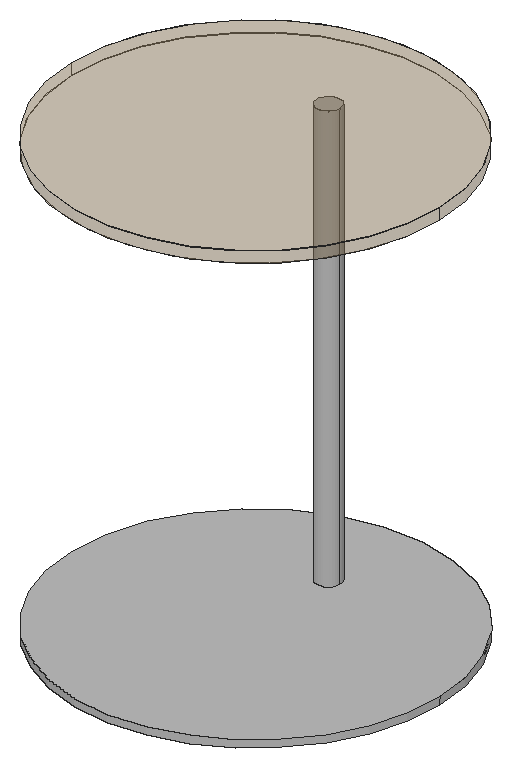
Revit family "COALESSE_AWAIT_-_Round_Table_8680", category Мебель, Revit 2017
Family settings
  На основе рабочей плоскости = Нет
  Всегда вертикально = Да
  При загрузке вырезать с полостями = Нет
  Общий = Нет
  Точка расчета площади = Нет
Parameters (values of type "19"H, Glass Top")
  URL = "www.coalesse.com"
  Комментарии к типоразмеру = "46-T1"
  R = Diameter / 2  # 0' - 7 7/8"
  Laminate Top = Furniture_Coalesse_Await - Table Top (Laminate)
  Группа модели = "Await"
  Изготовитель = "COALESSE"
  LAMINATE = no
  Height = 1' - 7"
  Glass Top = Furniture_Coalesse_Await - Table Top (Glass)
  GLASS = yes
  Edging = Furniture_Coalesse_Await - Table Edging
  Diameter = 1' - 3 3/4"
  Описание = "Await, Freestanding Low Table, Glass Top"
  Стоимость = 1176
  Base = Furniture_Coalesse_Await - Table Base
Types (5): name | Комментарии к типоразмеру | LAMINATE | Height | GLASS | Описание | Стоимость
  (no name) | "46-T1" | no | 1' - 7" | yes | "Await, Freestanding Low Table, Glass Top" | 1176
  19"H, Laminate Top | "46-T1" | yes | 1' - 7" | no | "Await, Freestanding Low Table, Laminate Top" | 895
  25"H, Laminate Top | "46-T2" | yes | 2' - 1" | no | "Await, Freestanding Low Table, Laminate Top" | 1169
  25"H, Glass Top | "46-T2" | no | 2' - 1" | yes | "Await, Freestanding Low Table, Glass Top" | 1450
  19"H, Glass Top | "46-T1" | no | 1' - 7" | yes | "Await, Freestanding Low Table, Glass Top" | 1176
Reference planes (in)
  plane 1: z = 0
  plane 2 "C (LR)": x = -16.39426
  plane 3 "C (FB)": y = 6.48523
  plane 4: x = -24.26926
  plane 5: x = -8.51926
  plane 6: z = 19
  plane 7: y = 14.36023
  plane 8: y = -1.38977
  plane 9: y = 10.36023
  plane 10: z = 18.5
  plane 11: z = 0.313
Forms (in)
  Extrusion 1, solid, material "Furniture_Coalesse_Await - Table Base" <- "Base"
    sketch origin (-54.01926, -180, 2.5) x (-1, 0, 0) y (0, -1, 0)
      loop
        circle (-37.625, -190.36023) r 0.5
    from -2.187 to 16
  Extrusion 2, solid, material "Furniture_Coalesse_Await - Table Base" <- "Base"
    sketch origin (-54.01926, -180, 2.5) x (-1, 0, 0) y (0, -1, 0)
      loop
        circle (-37.625, -186.48523) r 7.875
    from -2.5 to -2.187
  Extrusion 3, solid, material "Furniture_Coalesse_Await - Table Edging" <- "Edging", visible <- "LAMINATE"
    sketch origin (-54.01926, -180, 2.5) x (-1, 0, 0) y (0, -1, 0)
      loop
        circle (-37.625, -186.48523) r 7.875
      loop
        circle (-37.625, -186.48523) r 7.6875
    from 16 to 16.5
  Extrusion 4, solid, material "Furniture_Coalesse_Await - Table Top (Laminate)" <- "Laminate Top", visible <- "LAMINATE"
    sketch origin (-54.01926, -180, 2.5) x (-1, 0, 0) y (0, -1, 0)
      loop
        circle (-37.625, -186.48523) r 7.6875
    from 16 to 16.5
  Extrusion 5, solid, material "Furniture_Coalesse_Await - Table Top (Glass)" <- "Glass Top", visible <- "GLASS"
    sketch origin (-54.01926, -180, 2.5) x (-1, 0, 0) y (0, -1, 0)
      loop
        circle (-37.625, -186.48523) r 7.875
    from 16 to 16.5
Cuts and joins
  joined: Extrusion 1, Extrusion 2
Dimensions and locks (in)
  equal spacing: plane 8, plane 3 "C (FB)", plane 7
  locked: plane 8 to plane 7 at 15.75
  equal spacing: plane 4, plane 2 "C (LR)", plane 5
  locked: plane 4 to plane 5 at 15.75
  "Height": plane 6 to level
  locked: plane 6 to plane 10 at 0.5
  locked: plane 11 to level at 0.313
  locked: plane 7 to plane 9 at 4
  "R": radius of Extrusion 2 sketch curve
  "R": radius of Extrusion 3 sketch curve
  "R": radius of Extrusion 5 sketch curve
  aligned and locked: Extrusion 1 to plane 10
  aligned and locked: Extrusion 2 to level
  aligned and locked: plane 11 to Extrusion 2
  aligned and locked: plane 6 to Extrusion 3
  aligned and locked: plane 10 to Extrusion 3
  aligned and locked: Extrusion 4 sketch curve to Extrusion 3  (x2)
  aligned and locked: plane 6 to Extrusion 4
  aligned and locked: plane 10 to Extrusion 4
  aligned and locked: plane 6 to Extrusion 5
  aligned and locked: plane 10 to Extrusion 5
Automatic sketch dimensions
  Extrusion 1 sketch curve to plane 2 "C (LR)" = 0' - 0"
  Extrusion 1 sketch curve to plane 9 = 0' - 0"
  Extrusion 2 sketch curve to plane 2 "C (LR)" = 0' - 0"
  Extrusion 2 sketch curve to plane 3 "C (FB)" = 0' - 0"
  Extrusion 3 sketch curve to plane 2 "C (LR)" = 0' - 0"
  Extrusion 3 sketch curve to plane 3 "C (FB)" = 0' - 0"
  Extrusion 3 sketch curve to Extrusion 3 sketch curve = 0' - 0"  (x2)
  Extrusion 5 sketch curve to plane 2 "C (LR)" = 0' - 0"
  Extrusion 5 sketch curve to plane 3 "C (FB)" = 0' - 0"
  radius of Extrusion 1 sketch curve = 0' - 0 1/2"
  radius of Extrusion 3 sketch curve = 0' - 7 11/16"
